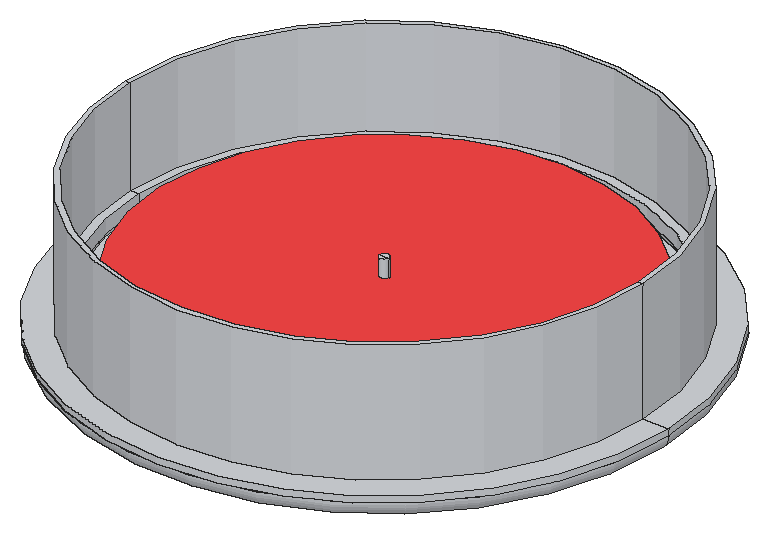
Revit family "M_Ceiling Valve_Ceiling Based", category Specialty Equipment, host Ceiling, Revit 2015
Parameters (values of type "Supply - 200mm")
  Youtube clip = "https://www.youtube.com/watch?v=SvpgHY0xstM"
  Valve_Rad = Overall_Rad - 18 mm  # 109 mm
  Supply_Valve = yes
  Overall_Rad = 127 mm
  URL = "https://www.tenmat.com/passive-fire-protection"
  Performance = "BS EN 1366-3:2009 & BS 476, ETA-12/0332, 1224-CPR-0341, CE Marked"
  OutsideRadius = 62 mm
  Material = "Intumescent Sealant"
  Manufacturer = "Tenmat ltd"
  InsideRadius = 60 mm
  IFC Classification = "Building Element Proxy"
  Holder_Depth = 54 mm
  Extract_Valve = no
  Disc_Rad = 100 mm
  Description = "Firefly 102 - 80mm Fire Rated Ceiling Valve Supply"
  Cut_Out_Rad = 115.6 mm
Types (10, lengths in mm): name | Valve_Rad | Supply_Valve | Overall_Rad | Holder_Depth | Extract_Valve | Disc_Rad | Cut_Out_Rad
  Supply - 80mm | 40 | yes | 58 | 30 | yes | 40.75 | 46.6
  Supply - 100mm | 52 | yes | 70 | 30 | no | 48 | 58.6
  Supply - 125mm | 67 | yes | 85 | 36 | no | 57 | 73.6
  Supply - 150mm | 83 | yes | 101 | 44 | no | 68.5 | 89.6
  Supply - 200mm | 109 | yes | 127 | 54 | no | 100 | 115.6
  Extract - 80mm | 40 | no | 58 | 30 | yes | 40.75 | 46.6
  Extract - 100mm | 52 | no | 70 | 30 | yes | 48 | 58.6
  Extract - 125mm | 67 | no | 85 | 36 | yes | 57 | 73.6
  Extract - 150mm | 83 | no | 101 | 44 | yes | 68.5 | 89.6
  Extract - 200mm | 109 | no | 127 | 54 | yes | 100 | 115.6
Reference planes
  plane 1 "Center (Front/Back)": y = 0
  plane 2: z = 0
  plane 3 "Center (Left/Right)": x = 0
  plane 4 "Ceiling": z = 4000
  plane 5: x = -127
  plane 6: x = -127
  plane 7: x = -115.575
  plane 8: x = -113.575
  plane 9: x = -128.14
  plane 10: x = -119.923
  plane 11: x = -109
  plane 12: x = -109.515
  plane 13: x = -113.365
  plane 14: z = 4054
  plane 15: x = -76.694
  plane 16: x = -2
  plane 17: x = -109
  plane 18: x = -76.694
  plane 19: x = -2
Forms (mm)
  Revolve 1, solid
    sketch origin (0.165, 0, 4040.987) x (-1, 0, 0) y (0, 0, -1)
      loop
        line (109.68, 35.894) -> (109.68, 30.011) -> (113.53, 30.011) -> (113.53, 43.787) -> (127.165, 43.787)
        arc (127.165, 43.787) -> (122.822, 50.416) -> (115.052, 48.861) r 7.078
        arc (115.052, 48.861) -> (111.098, 42.903) -> (109.68, 35.894) r 18.625
      axis (0.165, 48.861) -> (0.165, 30.011)
    angle from 0 to 360
  Extrusion 2, void
    sketch origin (0, 0, 4000) x (0, 1, 0) y (-1, 0, 0)
      loop
        circle (0, 0) r 115.6
    from -61.66 to 119.173
  Revolve 3, solid
    sketch origin (0, 0, 0) x (1, 0, 0) y (0, 0, 1)
      loop
        line (-127, 3997.2) -> (-113.575, 3997.2) -> (-113.575, 4054) -> (-115.575, 4054) -> (-115.575, 4000) -> (-127, 4000) -> (-127, 3997.2)
      axis (0, 3997.2) -> (0, 4054)
    angle from 0 to 360
  Revolve 4, solid, visible <- "Supply_Valve"
    sketch origin (0, 0, 4.375) x (1, 0, 0) y (0, 0, 1)
      loop
        line (0, 3989.92) -> (0, 4000) -> (0, 4020) -> (-2, 4020) -> (-2, 4000) -> (-109, 4000) -> (-109, 3991.467)
        arc (-109, 3991.467) -> (-92.128, 3990.27) -> (-75.217, 3989.92) r 337.527
        line (-75.217, 3989.92) -> (0, 3989.92)
      axis (0, 4020) -> (0, 3989.92)
    angle from 0 to 360
  Extrusion 5, solid, material "Tenmat"
    sketch origin (0, 0, 4000) x (0, 1, 0) y (-1, 0, 0)
      loop
        circle (0, 0) r 100
    from 15 to 17
  Revolve 6, solid, visible <- "Extract_Valve"
    sketch origin (0, 0, 4.375) x (1, 0, 0) y (0, 0, 1)
      loop
        line (-2, 4005) -> (-109, 3997.789) -> (-109, 3994.92) -> (-13.075, 3999.356) -> (0, 3999.356) -> (0, 4020) -> (-2, 4020) -> (-2, 4005)
      axis (0, 4020) -> (0, 3994.92)
    angle from 0 to 360
Dimensions and locks
  equal spacing: host sketch curve, plane 3 "Center (Left/Right)", host sketch curve
  equal spacing: host sketch curve, plane 1 "Center (Front/Back)", host sketch curve
  host sketch curve to host sketch curve = 4000 mm  (x2)
  plane 4 "Ceiling" to host ceiling = 0 mm
  "Overall_Rad": plane 3 "Center (Left/Right)" to plane 5
  "Overall_Rad": plane 3 "Center (Left/Right)" to plane 6
  plane 8 to plane 7 to plane 6 = 2 mm, 11.425 mm
  plane 5 to plane 9 = 1.14 mm
  plane 10 to plane 5 = 7.077 mm
  "Valve_Rad": plane 3 "Center (Left/Right)" to plane 11
  plane 13 to plane 10 = 6.558 mm
  plane 12 to plane 13 = 3.85 mm
  "Holder_Depth": plane 4 "Ceiling" to plane 14
  plane 15 to plane 11 = 32.306 mm
  plane 3 "Center (Left/Right)" to plane 16 = 2 mm
  "Valve_Rad": plane 3 "Center (Left/Right)" to plane 17
  "Cut_Out_Rad": radius of Extrusion 2 sketch curve
  "Disc_Rad": radius of Extrusion 5 sketch curve
  aligned and locked: plane 6 to Revolve 3 sketch curve
  aligned and locked: Revolve 3 sketch curve to plane 8
  aligned and locked: Revolve 3 sketch curve to plane 7
  aligned and locked: plane 9 to Revolve 1 sketch curve
  aligned and locked: plane 10 to Revolve 1 sketch curve
  aligned and locked: Revolve 1 sketch curve to plane 3 "Center (Left/Right)"
  aligned and locked: Revolve 1 sketch curve to plane 12
  aligned and locked: plane 13 to Revolve 1 sketch curve
  aligned and locked: plane 11 to Revolve 4 sketch curve
  aligned and locked: plane 14 to Revolve 3 sketch curve
  aligned and locked: plane 15 to Revolve 4 sketch curve
  aligned and locked: plane 3 "Center (Left/Right)" to Revolve 4 sketch curve
  aligned and locked: plane 16 to Revolve 4 sketch curve
  aligned and locked: plane 17 to Revolve 6 sketch curve
  aligned and locked: plane 19 to Revolve 6 sketch curve
